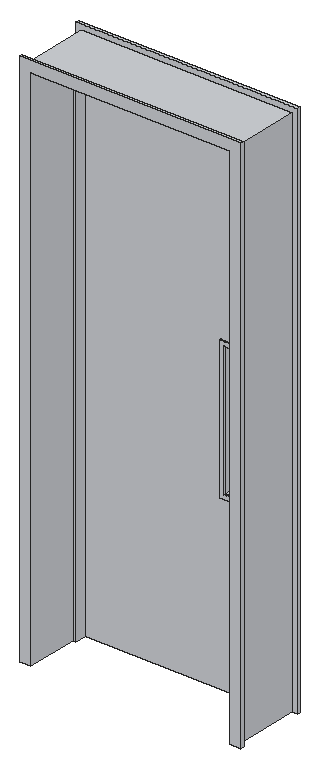
Revit family "DOOR_Single Flush_Vision Lite", category Doors, host Wall, Revit 2024
Family settings
  Host = Wall
  Always vertical = Yes
  Cut with Voids When Loaded = No
  Shared = No
  Room Calculation Point = No
Parameters (values of type "900mm x 2400mm")
  Vision Panel Width = 100 mm
  Vision Panel Height = 600 mm
  Vision Panel Frame Width = 20 mm
  Vision Panel Distance to Top = 1000 mm
  Vision Panel Distance to Edge = 150 mm
  Vision Panel Depth = 25 mm
  Thickness = 45 mm
  Rough Width = Width + (2 * Rough In Gap)  # 950 mm
  Rough In Gap = 25 mm
  Rough Height [instance] = Height + Rough In Gap  # 2425 mm
  Rabbit Width = 16 mm
  Rabbit Inset Distance from Front Trim = 45 mm
  Rabbit Depth = 50 mm
  Height = 2400 mm
  Wall Closure = By host
  Width = 900 mm
  Function = Interior
  Frame Trim Width = 50 mm
  Frame Trim Thickness = 12.5 mm
  EA_Repath [instance] = 0 mm
  Double Swing Option [instance] = no
  Double ADA Clearance Lines [instance] = no
  Door_$Panel_Material [instance] = none
  Door_$Leaf1_3DSwing_Angle [instance] = 0.00°
  Door_$Leaf1_2DSwing_Angle [instance] = 90.00°
  Door_$Frame_Material [instance] = none
  Define Thermal Properties by = Schematic Type
  Assembly Code = "C1020"
  Analytic Construction = "<None>"
  ADA Clearance Lines [instance] = no
Types (3, lengths in mm): name | Vision Panel Distance to Top | Rough Width | Width | Double Swing Option
  900mm x 2400mm | 1000 | 950 | 900 | no
  700mm x 2400mm | 700 | 750 | 700 | yes
  1000mm x 2400mm | 400 | 1050 | 1000 | no
Reference planes
  plane 1 "Center (Front/Back)": y = 0
  plane 2 "Center (Left/Right)": x = 0
  plane 3 "Left": x = -450
  plane 4 "Right": x = 450
  plane 5 "Top": z = 2400
  plane 6: y = -152.4
  plane 7: y = 152.4
  plane 8: x = -405
Forms (mm)
  Sweep 1, solid, material <- "Door_$Frame_Material"
    path origin (0, 0, 0) x (1, 0, 0) y (0, 0, 1)
      loop
        line (450, 0) -> (450, 2400) -> (-450, 2400) -> (-450, 0)
    profile origin (450, 0, 1200) x (-1, 0, 0) y (0, -1, 0)
      loop
        line (-25.4, 152.4) -> (-25.4, -152.4) -> (-50, -152.4) -> (-50, -164.9) -> (0, -164.9) -> (0, -119.9) -> (16, -119.9) -> (16, -69.9) -> (0, -69.9) -> (0, 164.9) -> (-50, 164.9) -> (-50, 152.4) -> (-25.4, 152.4)
  Extrusion 2, solid
    sketch origin (450, 164.5, 0) x (0, 0, -1) y (-1, 0, 0)
      loop
        line (-1400, 150) -> (-800, 150) -> (-800, 250) -> (-1400, 250) -> (-1400, 150)
      loop
        line (-780, 130) -> (-780, 270) -> (-1420, 270) -> (-1420, 130) -> (-780, 130)
    from 0 to 6.35
  Extrusion 3, solid
    sketch origin (450, 119.5, 0) x (0, 0, 1) y (-1, 0, 0)
      loop
        line (800, 250) -> (800, 150) -> (1400, 150) -> (1400, 250) -> (800, 250)
      loop
        line (780, 270) -> (780, 130) -> (1420, 130) -> (1420, 270) -> (780, 270)
    from 0 to 6.35
Lines and regions (mm)
  Opening 1
    outline origin (-2286, -152.4, 0) x (1, 0, 0) y (0, 0, 1)
      loop
        line (1811, 0) -> (2761, 0) -> (2761, 2425) -> (1811, 2425) -> (1811, 0)
  symbolic lines, style "Elevation Swing"
    curve 1: line (450, 152.4, 0) -> (-450, 152.4, 1200)
    curve 2: line (-450, 152.4, 1200) -> (450, 152.4, 2400)
  symbolic lines, style "ADA Clearance Lines", visible <- "ADA Clearance Lines"
    curve 3: line (-405, -1371.6, 0) -> (-405, 1676.4, 0)
    curve 4: line (-405, 1676.4, 0) -> (907.2, 1676.4, 0)
    curve 5: line (907.2, 1676.4, 0) -> (907.2, 152.4, 0)
    curve 6: line (-405, -1371.6, 0) -> (754.8, -1371.6, 0)
    curve 7: line (754.8, -1371.6, 0) -> (754.8, -152.4, 0)
  symbolic lines, style "ADA Clearance Lines", visible <- "Double ADA Clearance Lines"
    curve 8: line (907.2, 152.4, 0) -> (907.2, 1676.4, 0)
    curve 9: line (907.2, 1676.4, 0) -> (-405, 1676.4, 0)
    curve 10: line (-405, 1676.4, 0) -> (-405, -1676.4, 0)
    curve 11: line (-405, -1676.4, 0) -> (907.2, -1676.4, 0)
    curve 12: line (907.2, -1676.4, 0) -> (907.2, -152.4, 0)
Text (mm)
  text "Exterior" at (-1904.17, 693.701, 0), in view "Ref. Level"
  text "Interior" at (-1904.17, -638.649, 0), in view "Ref. Level"
  text "Exterior" at (0, 1019.848, 3124.603), in view "Right"
  text "Interior" at (0, -1635.541, 3124.603), in view "Right"
  text "Interior" at (0, -787.806, 3124.376), in view "Left"
  text "Exterior" at (0, 1386.095, 3124.376), in view "Left"
Dimensions and locks
  equal spacing: plane 3 "Left", plane 2 "Center (Left/Right)", plane 4 "Right"
  "Height": level to plane 5 "Top"
  "Width": plane 3 "Left" to plane 4 "Right"
  equal spacing: host wall, curve 2, plane 5 "Top"
  "Rough In Gap": plane 4 "Right" to Opening 1 sketch curve
  "Rough In Gap": Opening 1 sketch curve to plane 3 "Left"
  "Rough In Gap": plane 5 "Top" to Opening 1 sketch curve
  "Frame Trim Thickness": Sweep 1 sketch curve to host wall
  "Rabbit Depth": Sweep 1 sketch curve to Sweep 1 sketch curve
  "Rabbit Inset Distance from Front Trim": Sweep 1 sketch curve to Sweep 1 sketch curve
  "Frame Trim Width": plane 4 "Right" to Sweep 1 sketch curve  (x2)
  "Rabbit Width": Sweep 1 sketch curve to plane 4 "Right"
  "Frame Trim Thickness": host wall to Sweep 1 sketch curve
  "Thickness": nested 1 to Sweep 1
  "Vision Panel Frame Width": Extrusion 2 sketch curve to Extrusion 2 sketch curve  (x4)
  "Vision Panel Frame Width": Extrusion 2 to Extrusion 3 sketch curve  (x3)
  "Vision Panel Frame Width": Extrusion 3 sketch curve to Extrusion 2
  plane 4 "Right" to curve 7 = 304.8 mm
  plane 4 "Right" to curve 5 = 457.2 mm
  curve 4 to plane 7 = 1524 mm
  plane 6 to curve 6 = 1219.2 mm
  plane 4 "Right" to curve 12 = 457.2 mm
  plane 4 "Right" to curve 8 = 457.2 mm
  plane 6 to curve 11 = 1524 mm
  curve 9 to plane 7 = 1524 mm
  "Thickness": plane 3 "Left" to plane 8
  aligned and locked: Opening 1 sketch curve to level
  aligned and locked: plane 4 "Right" to curve 1
  aligned and locked: plane 3 "Left" to curve 1
  aligned and locked: plane 5 "Top" to curve 2
  aligned and locked: plane 4 "Right" to Sweep 1 sketch curve
  aligned and locked: Sweep 1 sketch curve to plane 3 "Left"
  aligned and locked: plane 5 "Top" to Sweep 1 sketch curve
  aligned and locked: host wall to Sweep 1 sketch curve  (x2)
  aligned and locked: Sweep 1 sketch curve to plane 4 "Right"  (x2)
  aligned and locked: nested 1 to plane 3 "Left"
  aligned and locked: Extrusion 2 sketch curve to nested 1  (x4)
  aligned and locked: Extrusion 3 sketch curve to Extrusion 2  (x4)
  aligned and locked: plane 7 to host wall
  aligned and locked: plane 6 to host wall
  aligned and locked: plane 3 "Left" to nested 2
  aligned and locked: Sweep 1 to nested 2
  aligned and locked: plane 7 to curve 8
  aligned and locked: plane 6 to curve 12
  aligned and locked: curve 3 to plane 8
  aligned and locked: curve 10 to plane 8
Automatic sketch dimensions
  curve 1 to level = 0 mm
  curve 2 to plane 4 "Right" = 0 mm
  Sweep 1 sketch curve to level = 0 mm  (x2)
  profile plane to Sweep 1 sketch curve = 25.4 mm
  host wall to curve 7 = 0 mm
  curve 5 to host wall = 0 mm
Nested families
  nested 1: "Door_Vision Panel_Adjustable" at (-450, 164.9, 0), Panel Thickness <- "Thickness", Panel Width <- "Width", Panel Height <- "Height", Panel Material <- "Door_$Panel_Material", Opening Angle <- "Door_$Leaf1_3DSwing_Angle", type "Door_Panel_Adjustable"
    with Panel Width 900 mm, Panel Thickness 45 mm, Panel Material none, Panel Height 2400 mm, Opening Angle 0.00°, Vision Panel Width 100 mm, Vision Panel Height 600 mm, Vision Panel Distance to Top 1000 mm, Vision Panel Distance to Edge 150 mm, Vision Panel Depth 25 mm
  nested 2: "Door_Vision Panel_Adjustable" at (-450, -164.9, 0), Panel Thickness <- "Thickness", Panel Width <- "Width", Panel Height <- "Height", Panel Material <- "Door_$Panel_Material", Opening Angle <- "Door_$Leaf1_3DSwing_Angle", visible <- "Double Swing Option", type "Door_Panel_Adjustable"
    with Panel Width 900 mm, Panel Thickness 45 mm, Panel Material none, Panel Height 2400 mm, Opening Angle 0.00°, Vision Panel Width 100 mm, Vision Panel Height 600 mm, Vision Panel Distance to Top 1000 mm, Vision Panel Distance to Edge 150 mm, Vision Panel Depth 25 mm
Definition of nested family "Door_Vision Panel_Adjustable"
  Parameters
    Vision Panel Width = 228.6 mm
    Vision Panel Height = 914.4 mm
    Vision Panel Distance to Top = 304.8 mm
    Vision Panel Distance to Edge = 152.4 mm
    Vision Panel Depth = 25.4 mm
    Plan Linework Opening Angle = 90.00°
    Panel Width [instance] = 914.4 mm
    Panel Thickness [instance] = 44.45 mm
    Panel Material [instance] = none
    Panel Height [instance] = 2133.6 mm
    Panel Glazing Material = none
    Opening Angle [instance] = 30.00°
    Assembly Code = ""
  Reference planes
    plane 1 "Center (Front/Back)": y = 0
    plane 2: z = 0
    plane 3 "Center (Left/Right)": x = 0
  Lines and regions (mm)
    reference lines
      curve 1: line (0, 0, 0) -> (791.894, 457.2, 0)
  Dimensions and locks
    "Opening Angle": angle plane 1 "Center (Front/Back)" to curve 1
    aligned and locked: plane 3 "Center (Left/Right)" to curve 1
    aligned and locked: nested 1 to curve 1
    aligned and locked: plane 3 "Center (Left/Right)" to nested 2
    aligned and locked: plane 1 "Center (Front/Back)" to nested 2
  Automatic sketch dimensions
    curve 1 to plane 1 "Center (Front/Back)" = 0 mm
  Nested families
    nested 1: "Door_Panel_Vision" at (0, 0, 0) x (0.866, 0.5, 0) z (0, 0, 1), type "Door_Panel_Vision"
      with Vision Panel Width 228.6 mm
    nested 2: "Door_Panel_Linework" at (0, 0, 0), type "door panel swing"
      with Panel Thickness 44.45 mm, Panel Swing 90.00°
  Definition of nested family "Door_Panel_Vision"
    Parameters
      Vision Panel Width = 152.4 mm
      Vision Panel Height = 914.4 mm
      Vision Panel Distance to Top = 304.8 mm
      Vision Panel Distance to Edge = 152.4 mm
      Vision Panel Depth = 25.4 mm
      Thickness = 44.45 mm
      Panel Width = 914.4 mm
      Panel Material = none
      Panel Height = 2133.6 mm
      Glazing Thickness = 6.35 mm
      Glazing Material = none
      Default Elevation = 1219.2 mm
    Reference planes
      plane 1 "Center (Front/Back)": y = 0
      plane 2: z = 0
      plane 3 "Center (Left/Right)": x = 0
    Forms (mm)
      Extrusion 1, solid, material <- "Panel Material"
        sketch origin (457.2, 0, 0) x (1, 0, 0) y (0, 0, 1)
          loop
            line (-457.2, 0) -> (457.2, 0) -> (457.2, 2133.6) -> (-457.2, 2133.6) -> (-457.2, 0)
          loop
            line (152.4, 1828.8) -> (152.4, 914.4) -> (304.8, 914.4) -> (304.8, 1828.8) -> (152.4, 1828.8)
        from 0 to 44.45
      Extrusion 2, solid, material <- "Glazing Material"
        sketch origin (457.2, 0, 0) x (1, 0, 0) y (0, 0, 1)
          loop
            line (152.4, 1828.8) -> (152.4, 914.4) -> (304.8, 914.4) -> (304.8, 1828.8) -> (152.4, 1828.8)
        from 22.225 to 28.575
    Lines and regions (mm)
      reference lines
        curve 1: line (584.502, -25.4, 0) -> (794.052, -25.4, 0)
    Dimensions and locks
      "Panel Height": Extrusion 1 sketch curve to level
      "Panel Width": Extrusion 1 sketch curve to Extrusion 1 sketch curve
      "Vision Panel Distance to Edge": Extrusion 1 sketch curve to Extrusion 1 sketch curve
      "Vision Panel Width": Extrusion 1 sketch curve to Extrusion 1 sketch curve
      "Vision Panel Height": Extrusion 1 sketch curve to Extrusion 1 sketch curve
      "Vision Panel Distance to Top": Extrusion 1 sketch curve to Extrusion 1 sketch curve
      equal spacing: Extrusion 2, curve 1, Extrusion 2
      "Glazing Thickness": Extrusion 2 to Extrusion 2
      "Thickness": Extrusion 1 to plane 1 "Center (Front/Back)"
      "Vision Panel Depth": curve 1 to Extrusion 1
      aligned and locked: Extrusion 1 to Extrusion 2 sketch curve
      aligned and locked: Extrusion 2 sketch curve to Extrusion 1  (x3)
      aligned and locked: Extrusion 1 to plane 1 "Center (Front/Back)"
    Automatic sketch dimensions
      Extrusion 1 sketch curve to plane 3 "Center (Left/Right)" = 0 mm
      Extrusion 1 sketch curve to level = 0 mm
      plane 1 "Center (Front/Back)" to curve 1 = 25.4 mm
      plane 3 "Center (Left/Right)" to curve 1 = 584.502 mm
      curve 1 to curve 1 = 209.55 mm
  Definition of nested family "Door_Panel_Linework"
    Parameters
      Panel Thickness = 50.8 mm
      Panel Swing = 120.00°
      Panel Length = 914.4 mm
      Invisible Line_Height = 2133.6 mm
      Default Elevation = 1219.2 mm
      Assembly Code = ""
    Reference planes
      plane 1 "Center (Front/Back)": y = 0
      plane 2: z = 0
      plane 3 "Center (Left/Right)": x = 0
    Lines and regions (mm)
      symbolic lines
        curve 1: line (0, 0, 0) -> (-457.2, 791.894, 0)
        curve 2: line (-457.2, 791.894, 0) -> (-413.206, 817.294, 0)
        curve 3: line (0, 0, 0) -> (43.994, 25.4, 0)
        curve 4: line (43.994, 25.4, 0) -> (-413.206, 817.294, 0)
        curve 5: arc (-457.2, 791.894, 0) -> (458.618, 791.073, 0) -> (914.394, -3.277, 0) r 914.4
      model lines
        curve 6: line (0, 0, 0) -> (0, 0, 2133.6)
    Dimensions and locks
      "Panel Thickness": curve 4 to curve 1
      "Panel Length": curve 3 to curve 2
      locked: curve 5 to plane 1 "Center (Front/Back)" at 3.277
      "Invisible Line_Height": curve 6 to level
      "Panel Swing": angle plane 1 "Center (Front/Back)" to curve 1
    Automatic sketch dimensions
      curve 5 to plane 1 "Center (Front/Back)" = 0 mm
      curve 5 to plane 3 "Center (Left/Right)" = 0 mm
      curve 3 to plane 1 "Center (Front/Back)" = 0 mm
      curve 3 to plane 3 "Center (Left/Right)" = 0 mm
      curve 6 to level = 0 mm
      plane 1 "Center (Front/Back)" to curve 6 = 0 mm
